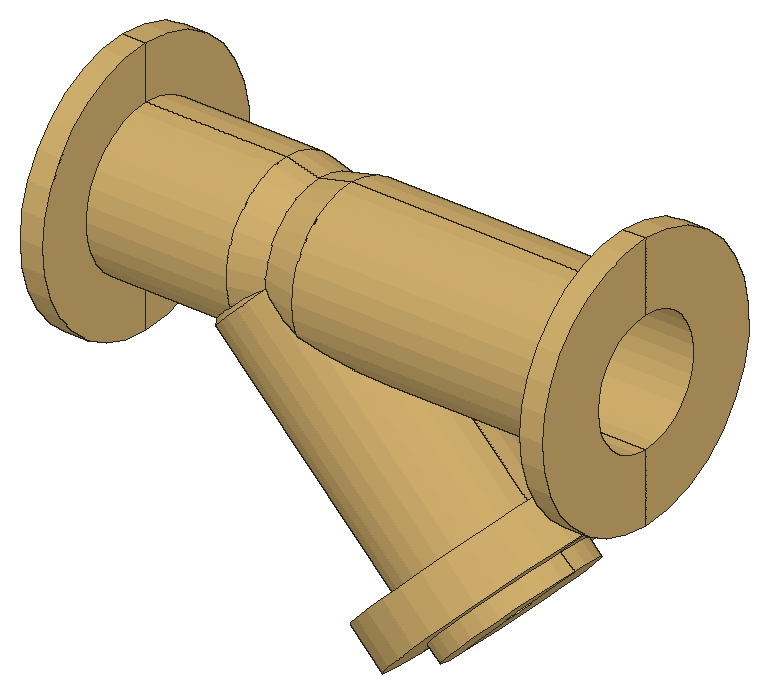
Revit family "Wye_Pattern_Strainers-Backflow_Preventor-WATTS-77F-BI", category Pipe Accessories, Revit 2014
Parameters (values of type "77F-BI 2"")
  Width = 4 1/4"
  Weight = "20/9.0 (LB/KG)"
  Waste Connection = no
  Warranty Information = "1 Year Limited Warranty"  # constant formula
  Vent Connection = no
  URL = "http://www.watts.com/"
  Strainer Width = 3 7/8"
  Strainer Thickness = Flange Thickness * 2  # 3/4"
  Strainer Revolve Offset Distance = Strainer Width / 2  # 1 15/16"
  Strainer Offset Length From Flange = (Strainer Length - Strainer Diameter) / 2  # 11/16"
  Strainer Length = Strainer Width  # 3 7/8"
  Strainer Diameter = Nominal Depth * 2 + NPT Diameter  # 2 1/2"
  Region = "North America"  # constant formula
  Product Page URL = "http://www.watts.com/pages/_products_details.asp?pid=817"
  Product Documentation Link = "http://media.wattswater.com/es-77f-bi.pdf"
  Price = "Prices may vary. Please consult Manufacturer Representative for most up-to-date price list."  # constant formula
  Nominal Depth 2 = Nominal Depth / 2  # 1/2"
  Nominal Depth = 1"
  NPT Radius = NPT Diameter / 2  # 1/4"
  NPT Diameter = 1/2"
  Model = "77F-BI"  # constant formula
  Max. Working Pressure = "150psi (10.3 bar) at 406°F (208°C) WSP 225psi (15.5 bar) at 150°F (66°C) WOG"  # constant formula
  Material = "Metal-Watts-Bronze"
  Manufacturer Product Line = "Strainers"  # constant formula
  Manufacturer = "WATTS"  # constant formula
  HW Connection = no
  Flange Thickness = 3/8"
  Finish = Metal-Watts-Bronze
  Description = "Bronze, Flanged, Wye-Pattern Strainers"  # constant formula
  Creation Date = "07/25/2018"  # constant formula
  Country = "United States"  # constant formula
  Connection Size = Connection Radius * 2  # 2"
  Connection Radius = 1"
  Connection Outlet Description = "2\" NPT Flanged Outlet"
  Connection Inlet Description = "2\" NPT Flanged Inlet"
  CW Connection = yes
  Body Radius = 1 1/4"
  B = 5 1/4"
  Assembly Code = "F1050"
  A = 8 5/8"
Types (7): name | Width | Weight | Strainer Width | Strainer Thickness | Strainer Revolve Offset Distance | Strainer Offset Length From Flange | Strainer Length | Strainer Diameter | Nominal Depth 2 | Nominal Depth | NPT Radius | NPT Diameter | Material | Flange Thickness | Finish | Connection Size | Connection Radius | Connection Outlet Description | Connection Inlet Description | Body Radius | B | A
  (no name) | 4 1/4" | "20/9.0 (LB/KG)" | 3 7/8" | 3/4" | 1 15/16" | 11/16" | 3 7/8" | 2 1/2" | 1/2" | 1" | 1/4" | 1/2" | "Metal-Watts-Bronze" | 3/8" | Metal-Watts-Bronze | 2" | 1" | "2\" NPT Flanged Outlet" | "2\" NPT Flanged Inlet" | 1 1/4" | 5 1/4" | 8 5/8"
  77F-BI 2" | 4 1/4" | "20/9.0 (LB/KG)" | 3 7/8" | 3/4" | 1 15/16" | 11/16" | 3 7/8" | 2 1/2" | 1/2" | 1" | 1/4" | 1/2" | "Metal-Watts-Bronze" | 3/8" | Metal-Watts-Bronze | 2" | 1" | "2\" NPT Flanged Outlet" | "2\" NPT Flanged Inlet" | 1 1/4" | 5 1/4" | 8 5/8"
  77F-BI 2.5" | 5" | "32/14.5 (LB/KG)" | 4 7/8" | 3/4" | 2 7/16" | 15/16" | 4 7/8" | 3" | 1/2" | 1" | 1/2" | 1" | "" | 3/8" | none | 2 1/2" | 1 1/4" | "2-1/2\" NPT Flanged Outlet" | "2-1/2\" NPT Flanged Inlet" | 1 5/8" | 7" | 10 1/4"
  77F-BI 3" | 5 1/2" | "36/16.3 (LB/KG)" | 5" | 1" | 2 1/2" | 5/8" | 5" | 3 3/4" | 11/16" | 1 3/8" | 1/2" | 1" | "" | 1/2" | none | 3" | 1 1/2" | "3\" NPT Flanged Outlet" | "3\" NPT Flanged Inlet" | 2" | 7 11/16" | 11 5/8"
  77F-BI 4" | 7" | "61/27.6 (LB/KG)" | 6 1/8" | 1" | 3 1/16" | 11/16" | 6 1/8" | 4 3/4" | 13/16" | 1 5/8" | 3/4" | 1 1/2" | "" | 1/2" | none | 4" | 2" | "4\" NPT Flanged Outlet" | "4\" NPT Flanged Inlet" | 2 1/2" | 9 1/8" | 14 3/8"
  77F-BI 6" | 10" | "160/72.5 (LB/KG)" | 8 1/2" | 2" | 4 1/4" | 3/4" | 8 1/2" | 7" | 1 1/4" | 2 1/2" | 1" | 2" | "" | 1" | none | 6" | 3" | "6\" NPT Flanged Outlet" | "6\" NPT Flanged Inlet" | 3 1/2" | 13" | 18 5/8"
  77F-BI 8" | 14" | "210/95.2 (LB/KG)" | 11" | 2" | 5 1/2" | 5/8" | 11" | 9 3/4" | 1 15/16" | 3 7/8" | 1" | 2" | "" | 1" | none | 8" | 4" | "8\" NPT Flanged Outlet" | "8\" NPT Flanged Inlet" | 5" | 15 5/16" | 24 3/8"
Reference planes (in)
  plane 1 "Center (Front/Back)": y = 0
  plane 2: z = 0
  plane 3 "Center (Left/Right)": x = 0
  plane 4: x = -4.3125
  plane 5: x = 4.3125
  plane 6: z = 1
  plane 7: z = -1
  plane 8: z = 2.125
  plane 9: z = -2.125
  plane 10: z = -5.25
  plane 11: z = 1.25
  plane 12: z = 1.125
  plane 13: x = -2.15625
  plane 14: x = -1.07812
  plane 15: x = -1.61719
  plane 16: x = -0.53906
  plane 17: y = 1.9375
  plane 18: y = -1.9375
  plane 19: z = -1.5625
  plane 20: z = -1
  plane 21: z = -1.84375
  plane 22: z = 1
  plane 23: x = -1.59375
  plane 24: x = 1.59375
  plane 25: y = -2
Forms (in)
  Revolve 1, solid, material "Metal-Watts-Bronze"
    sketch origin (0, 0, 0) x (1, 0, 0) y (0, 0, 1)
      loop
        line (-4.3125, 1) -> (4.3125, 1) -> (4.3125, 2.125) -> (3.9375, 2.125) -> (3.9375, 1.25) -> (-0.53906, 1.25) -> (-1.07812, 1.125) -> (-1.61719, 1.25) -> (-3.9375, 1.25) -> (-3.9375, 2.125) -> (-4.3125, 2.125) -> (-4.3125, 1)
      axis (4.3125, 0) -> (-4.3125, 0)
    angle from 0 to 360
  Revolve 2, solid, material "Metal-Watts-Bronze"
    sketch origin (0, 0, 0) x (1, 0, 0) y (0, 0, 1)
      loop
        line (-2.32749, 0.12487) -> (-2.32749, -1.28934) -> (0.6167, -4.23353) -> (0.13057, -4.71967) -> (0.6609, -5.25) -> (1.14703, -4.76386) -> (1.368, -4.98483) -> (2.07511, -4.27773) -> (-2.32749, 0.12487)
      axis (-2.15071, 0.30165) -> (2.25189, -4.10095)
    angle from 0 to 360
Lines and regions (in)
  Masking region 1, detail levels fine
    outline origin (0, 0, 0) x (1, 0, 0) y (0, 1, 0)
      loop
        line (-4.3125, 2.125) -> (-4.3125, -2.125) -> (-3.9375, -2.125) -> (-3.9375, -1.25) -> (3.9375, -1.25) -> (3.9375, -2.125) -> (4.3125, -2.125) -> (4.3125, 2.125) -> (3.9375, 2.125) -> (3.9375, 1.25) -> (-3.9375, 1.25) -> (-3.9375, 2.125) -> (-4.3125, 2.125)
  symbolic lines, style "PipeAccessory", detail levels fine
    curve 1: line (-3.9375, 1.25, 0) -> (-3.9375, -1.25, 0)
    curve 2: line (3.9375, 1.4375, 0) -> (3.9375, -1.4375, 0)
Dimensions and locks (in)
  "Connection Size": plane 6 to plane 7
  "Width": plane 8 to plane 9
  equal spacing: plane 8, level, plane 9
  "A": plane 5 to plane 4
  equal spacing: plane 4, plane 3 "Center (Left/Right)", plane 5
  "B": level to plane 10
  equal spacing: plane 6, level, plane 7
  equal spacing: plane 3 "Center (Left/Right)", plane 13, plane 4
  equal spacing: plane 3 "Center (Left/Right)", plane 14, plane 13
  equal spacing: plane 14, plane 15, plane 13
  equal spacing: plane 3 "Center (Left/Right)", plane 16, plane 14
  "Strainer Width": plane 17 to plane 18
  "Flange Thickness": Revolve 1 sketch curve to plane 4
  "Flange Thickness": Revolve 1 sketch curve to plane 5
  "Connection Radius": level to plane 20
  equal spacing: plane 20, plane 19, plane 9
  equal spacing: plane 19, plane 21, plane 9
  "NPT Radius": Revolve 2 sketch curve to Revolve 2 sketch curve
  "Nominal Depth": Revolve 2 sketch curve to Revolve 2 sketch curve
  "Connection Radius": plane 22 to level
  equal spacing: plane 11, plane 12, plane 22
  equal spacing: plane 17, plane 1 "Center (Front/Back)", plane 18
  "Body Radius": plane 11 to level
  "Width": Masking region 1 sketch curve to Masking region 1 sketch curve
  equal spacing: Masking region 1 sketch curve, plane 1 "Center (Front/Back)", Masking region 1 sketch curve
  "Body Radius": plane 1 "Center (Front/Back)" to Masking region 1 sketch curve
  "Body Radius": Masking region 1 sketch curve to plane 1 "Center (Front/Back)"
  locked: plane 25 to plane 1 "Center (Front/Back)" at 2
  locked: Revolve 2 sketch curve to Revolve 2 sketch curve at 0.75
  locked: Revolve 2 sketch curve to Revolve 2 sketch curve at 0.3125
  "Strainer Revolve Offset Distance": Revolve 2 sketch curve to Revolve 2 sketch curve
  locked: Revolve 2 sketch curve to plane 21 (angle 45.00°)
  locked: plane 10 to Revolve 2 sketch curve (angle 45.00°)  (x3)
  locked: Revolve 2 sketch curve to plane 10 (angle 45.00°)  (x2)
  aligned and locked: plane 5 to Revolve 1 sketch curve
  aligned and locked: plane 8 to Revolve 1 sketch curve
  aligned and locked: Revolve 1 sketch curve to plane 8
  aligned and locked: Revolve 1 sketch curve to Revolve 1 sketch curve
  aligned and locked: Revolve 1 sketch curve to plane 11
  aligned and locked: plane 15 to Revolve 1 sketch curve
  aligned and locked: plane 16 to Revolve 1 sketch curve
  aligned and locked: plane 12 to Revolve 1 sketch curve
  aligned and locked: plane 14 to Revolve 1 sketch curve
  aligned and locked: Revolve 1 sketch curve to plane 6
  aligned and locked: Masking region 1 sketch curve to plane 4
  aligned and locked: Masking region 1 sketch curve to plane 5
  aligned and locked: Masking region 1 sketch curve to Masking region 1 sketch curve  (x4)
  aligned and locked: Revolve 1 to Masking region 1 sketch curve
  aligned and locked: Masking region 1 sketch curve to Revolve 1
  aligned and locked: Revolve 1 to curve 1
  aligned and locked: Revolve 1 to curve 2
  aligned and locked: curve 1 to Masking region 1
  aligned and locked: Masking region 1 to curve 1
  aligned and locked: Revolve 2 sketch curve to Revolve 2 sketch curve
Automatic sketch dimensions
  Revolve 1 sketch curve to level = 0"
  Revolve 1 sketch curve to plane 4 = 0"
  Revolve 1 sketch curve to plane 4 = 0.90603"
  Revolve 1 sketch curve to Revolve 1 sketch curve = 0.42846"
  Revolve 2 sketch curve to plane 10 = 0"
  Revolve 2 sketch curve to plane 19 = 0.18272"
  plane 3 "Center (Left/Right)" to Revolve 2 sketch curve = 0.13057"
  level to Revolve 2 sketch curve = 0.12487"
  plane 17 to curve 2 = 1/2"
  plane 18 to curve 2 = 1/2"
Connectors (in)
  piping at (4.3125, 0, 0), diameter 2, driven by "Connection Radius", driven by "Connection Outlet Description"
    settings: on Revolve 1, index 1, connector inside diameter 3/4", connector length 0", flow factor 0, pipe flow 0 GPM, pressure drop 0.00 psi, fitting loss kfactor 0, connector angle 0.00°, fixture units 0, engagement length 0", angle of deflection 0.00°, flow configuration 0, flow direction 2, fitting loss method 0, system type 29, joint type 0, gender type 0, connector reference index -1, connector utility 0, adjustable connector no, is connector primary no, connector description "2\" NPT Flanged Outlet"
  piping at (-4.3125, 0, 0), diameter 2, driven by "Connection Radius", driven by "Connection Inlet Description"
    settings: on Revolve 1, index 2, connector inside diameter 3/4", connector length 0", flow factor 0, pipe flow 0 GPM, pressure drop 0.00 psi, fitting loss kfactor 0, connector angle 0.00°, fixture units 0, engagement length 0", angle of deflection 0.00°, flow configuration 0, flow direction 1, fitting loss method 0, system type 29, joint type 0, gender type 0, connector reference index -1, connector utility 0, adjustable connector no, is connector primary yes, connector description "2\" NPT Flanged Inlet"
